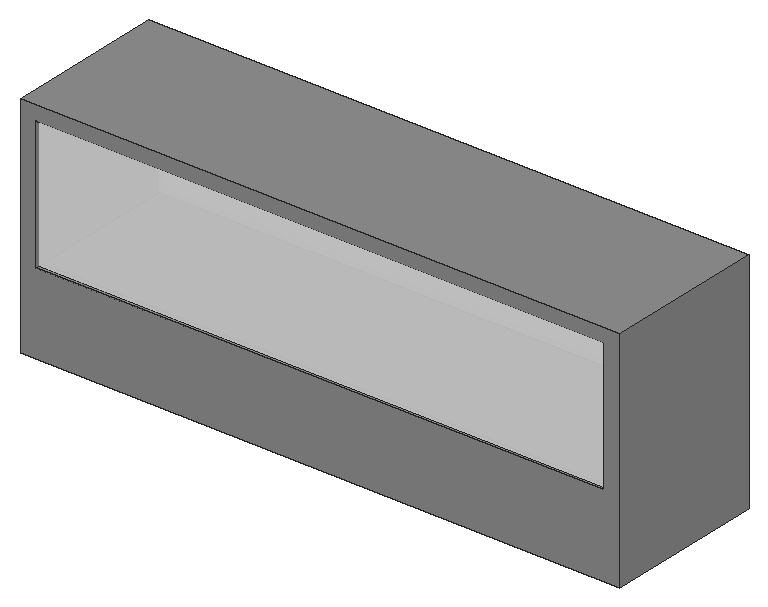
Revit family "3-740-xx - 37-740-xx - Maia (Outdoor)", category Lighting Fixtures, host Face, Revit 2018
Family settings
  Host = Face
  Round Connector Dimension = Use Diameter
  Part Type = Normal
  Cut with Voids When Loaded = No
  Light Source = No
  Shared = No
  Room Calculation Point = No
Parameters (values of type "3-740-16 / 37-740-16 - Maia")
  Wattage Comments = "13.00 W at 120 V"  # constant formula
  Voltage Input [instance] = "120 V or 277 V 50/60Hz"  # constant formula
  URL = "www.oxygenlighting.com"
  Other = none
  References [instance] = "Ref. 3 = 120V / Ref. 37 = 277 V"  # constant formula
  Model = "3-740-xx-BPxx / 37-740-xx-BPxx - Maia"  # constant formula
  Metal Finish = 16 - Gray
  Manufacturer = "Oxygen Lighting"  # constant formula
  Lamp = "LED Array"  # constant formula
  Fixture = 3-740 Maia IES : 3-740 Maia IES
  Diffuser = White Opal Glass
  Default Elevation = 0.00"
Types (5): name | Metal Finish | Fixture
  (no name) | 16 - Gray | 3-740 Maia IES : 3-740 Maia IES
  3-740-16 / 37-740-16 - Maia | 16 - Gray | 3-740 Maia IES : 3-740 Maia IES
  3-740-16-BP16 / 37-740-16-BP16 - Maia | 16 - Gray | 3-740 BP Maia IES : 3-740 BP Maia IES
  3-740-22-BP22 / 37-740-22-BP22 - Maia | 22- Oiled Bronze | 3-740 BP Maia IES : 3-740 BP Maia IES
  3-740-22 / 37-740-22 - Maia | 22- Oiled Bronze | 3-740 Maia IES : 3-740 Maia IES
Reference planes (in)
  plane 1 "Center (Front/Back)": y = 0
  plane 2: z = 0
  plane 3 "Center (Left/Right)": x = 0
Dimensions and locks (in)
  aligned and locked: plane 2 to host face
  aligned and locked: level to host face
Nested families (in)
  nested 1: "3-740 Maia IES" at (0, 0, 0), type <- "Fixture", type "3-740 Maia IES"
    with Voltage Input "120 V or 277 V 50/60Hz", References "Ref. 3 = 120V / Ref. 37 = 277 V"
Definition of nested family "3-740 Maia IES"
  Parameters (values of type "3-740 Maia IES")
    Wattage Comments = "13.00 W at 120 V"  # constant formula
    Wattage = 13 W
    built-in parameter 1150110 = 1 (stored number, unit not read)
    Voltage Input [instance] = "120 V or 277 V 50/60Hz"  # constant formula
    URL = "www.oxygenlighting.com"
    built-in parameter 1114217 = 1 (stored number, unit not read)
    Tilt Angle = 90.00°
    built-in parameter 1150109 = 1 (stored number, unit not read)
    built-in parameter 1150134 = (empty or 0)
    built-in parameter 1150113 = 1 (stored number, unit not read)
    Photometric Web File = "3-740-16 Maia.ies"
    Other = none
    References [instance] = "Ref. 3 = 120V / Ref. 37 = 277 V"  # constant formula
    Model = ""
    Metal Finish = none
    Manufacturer = "Oxygen Lighting"  # constant formula
    built-in parameter 1150105 = 29.794 (stored number, unit not read)
    Lumens = 374.4 lm
    built-in parameter 1150115 = 1 (stored number, unit not read)
    built-in parameter 1150137 = (empty or 0)
    built-in parameter 1150139 = (empty or 0)
    built-in parameter 1150112 = 1 (stored number, unit not read)
    built-in parameter 1150114 = 1 (stored number, unit not read)
    Lamp = "LED Array"  # constant formula
    built-in parameter 1150132 = (empty or 0)
    built-in parameter 1150102 = (empty or 0)
    built-in parameter 1150107 = 3000 (stored number, unit not read)
    built-in parameter 1150138 = (empty or 0)
    built-in parameter 1150106 = 0.29794 (stored number, unit not read)
    Emit from Rectangle Width = 9.00"
    Emit from Rectangle Length = 1.00"
    Emit Shape Visible in Rendering = no
    built-in parameter 1150104 = 2.6756 (stored number, unit not read)
    Dimming Lamp Color Temperature Shift = (empty or 0)
    Diffuser = none
    Default Elevation = 0.00"
    Color Filter = 16777215
    built-in parameter 1114218 = 1 (stored number, unit not read)
    built-in parameter 1150133 = 10 (stored number, unit not read)
  Reference planes (in)
    plane 1 "Center (Front/Back)": y = 0
    plane 2: z = 0
    plane 3 "Center (Left/Right)": x = 0
  Forms (in)
    Extrusion 1, solid
      sketch origin (0, 0, 0) x (1, 0, 0) y (0, 1, 0)
        loop
          line (-48, 48) -> (-48, -48) -> (48, -48) -> (48, 48) -> (-48, 48)
      from 0 to -12
  Dimensions and locks (in)
    aligned and locked: plane 2 to Extrusion 1
    aligned and locked: level to Extrusion 1
  Nested families (in)
    nested 1: "3-740 Maia" at (0, 0, 0), type "3-740 Maia"
  Definition of nested family "3-740 Maia"
    Parameters (values of type "3-740 Maia")
      Others 2 = none
      Others 1 = none
      Metal Finish = none
      Main Diffuser = none
      2nd Diffuser = none
    Reference planes (in)
      plane 1 "Center (Front/Back)": y = 0
      plane 2: z = 0
      plane 3 "Center (Left/Right)": x = 0
      plane 4 "Top": y = 1.375
    Forms (in)
      Extrusion 1, solid, material <- "Metal Finish"
        sketch origin (0, 0, 0) x (1, 0, 0) y (0, 1, 0)
          loop
            line (-5.125, -1.375) -> (5.125, -1.375) -> (5.125, 1.375) -> (-5.125, 1.375) -> (-5.125, -1.375)
        from 0 to 3.88
      Extrusion 2, void
        sketch origin (0, 0, 0) x (1, 0, 0) y (0, 0, 1)
          loop
            line (-4.85147, 3.64344) -> (-4.85147, 1.39344) -> (4.85147, 1.39344) -> (4.85147, 3.64344) -> (-4.85147, 3.64344)
        from -2.03021 to 2.05134
      Extrusion 3, solid, material <- "Main Diffuser"
        sketch origin (0, 0, 0) x (1, 0, 0) y (0, 0, 1)
          loop
            line (-4.85147, 1.39344) -> (4.85147, 1.39344) -> (4.85147, 3.64344) -> (-4.85147, 3.64344) -> (-4.85147, 1.39344)
        from 1.25374 to 1.33091
      Extrusion 4, solid, material <- "Main Diffuser"
        sketch origin (0, 0, 0) x (1, 0, 0) y (0, 0, -1)
          loop
            line (-4.85147, -1.39344) -> (-4.85147, -3.64344) -> (4.85147, -3.64344) -> (4.85147, -1.39344) -> (-4.85147, -1.39344)
        from 1.25374 to 1.33091
    Cuts and joins
      Extrusion 2 cuts Extrusion 1
    Lines and regions (in)
      model lines
        curve 1: line (-4, 0, 0) -> (4, 0, 0)
        curve 2: line (0, -4, 0) -> (0, 4, 0)
      symbolic lines
        curve 3: circle (0, 0, 0) r 2 normal (0, 0, 1)
      model lines, not visible
        curve 4: line (-13.0722, 21.77075, 0) -> (-5.0722, 21.77075, 0)
        curve 5: line (-9.0722, 17.77075, 0) -> (-9.0722, 25.77075, 0)
      symbolic lines, not visible
        curve 6: circle (-9.0722, 21.77075, 0) r 2 normal (0, 0, 1)
    Text (in)
      text "M.C." at (0.88973, 1.62995, 0), in view "Ref. Level"
      text "M.C." at (-8.18247, 23.4007, 0), in view "Ref. Level", not visible
    Dimensions and locks (in)
      Extrusion 1 sketch curve to Extrusion 1 sketch curve = 10.25"
      Extrusion 1 sketch curve to Extrusion 1 sketch curve = 2.75"
      Extrusion 2 sketch curve to Extrusion 2 sketch curve = 9.70293"
      aligned and locked: plane 2 to level
